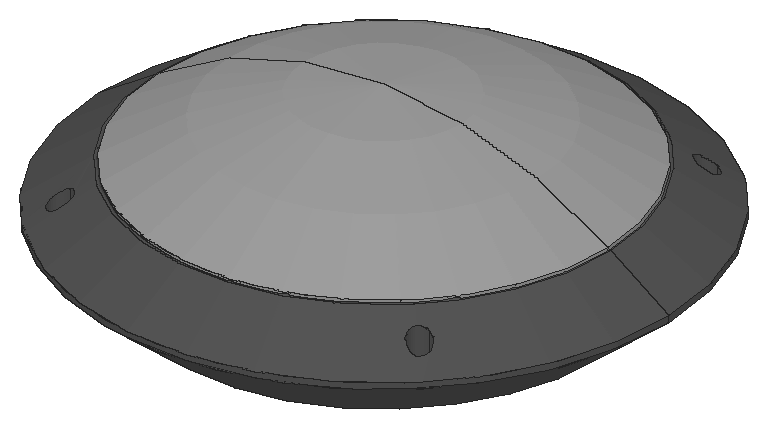
Revit family "49252", category Lighting Fixtures, host Face, Revit 2018
Family settings
  Host = Face
  Round Connector Dimension = Use Diameter
  Part Type = Normal
  OmniClass Number = 23.80.70.00
  OmniClass Title = Lighting
  Cut with Voids When Loaded = No
  Light Source = Yes
  Shared = No
  Room Calculation Point = No
Parameters (values of type "0049252 START SURFACE IP66 1500LM 840 DA EM3 BLK")
  Weight = "n/a"
  Wattage Comments = ""
  Wattage = 12 W
  WarrantyStartDate [instance] = "n/a"
  WarrantyGuarantorParts = "n/a"
  WarrantyDurationUnit = "n/a"
  WarrantyDurationParts = ""
  WarrantyDescription = "http://www.sylvania-lighting.com"
  built-in parameter 1150110 = 1 (stored number, unit not read)
  Voltage = 0 V
  URL = "1"
  TypeName = "START SURFACE IP66 1500LM 840 IK10 DALI EM3 BLK"
  Type Image = <None>
  Type Comments = "n/a"
  built-in parameter 1114217 = 1 (stored number, unit not read)
  Tilt Angle = -90.00°
  built-in parameter 1150109 = 1 (stored number, unit not read)
  built-in parameter 1150134 = (empty or 0)
  built-in parameter 1150113 = 1 (stored number, unit not read)
  SerialNumber [instance] = "n/a"
  Photometric Web File = "0049252.ies"
  Material_3_SYL = LED-Sylvania-StartSurfaceIP66
  PowerFactor = 0
  PowerConsumption = "Lighting"
  NominalLength = 350 mm
  NominalHeight = 90 mm
  NominalDepth = 300 mm
  Name = "START SURFACE IP66 1500LM 840 IK10 DALI EM3 BLK"
  ModelReference = Name  # "START SURFACE IP66 1500LM 840 IK10 DALI EM3 BLK"
  ModelNumber = "0049252"
  Model = Name  # "START SURFACE IP66 1500LM 840 IK10 DALI EM3 BLK"
  Material = "Feilo Sylvania"
  ManufacturerName = "111 lm/W"
  Manufacturer = ""
  LuminousEfficacy = ""
  built-in parameter 1150105 = 84.034 (stored number, unit not read)
  Lumens = 1056 lm
  LuminaireType = "0"
  built-in parameter 1150115 = 1 (stored number, unit not read)
  LightOutputRatio = "LED"
  built-in parameter 1150137 = (empty or 0)
  built-in parameter 1150139 = (empty or 0)
  LampsType = Lamp  # "n/a"
  LampNominalLuminous = "4000 K"
  LampMacAdamStep = "80"
  LampColourTemperature = "LED"
  LampColourRenderingIndex = "16500"
  built-in parameter 1150112 = 1 (stored number, unit not read)
  built-in parameter 1150114 = 1 (stored number, unit not read)
  Lamp = "n/a"
  Keynote = "n/a"
  InstallationDate [instance] = "n/a"
  InputVoltage = "0"
  InputNominalFrequency = "4000"
  built-in parameter 1150132 = (empty or 0)
  built-in parameter 1150102 = (empty or 0)
  built-in parameter 1150107 = 3000 (stored number, unit not read)
  built-in parameter 1150138 = (empty or 0)
  IngressProtection = "IfcLightFixtureType"
  ImpactProtectionIndex = "IfcLightFixtureType"
  built-in parameter 1150106 = 0.84034 (stored number, unit not read)
  IfcExportType = "IfcLightFixtureType"
  IfcExportAs = "Class II"
  HoleRad_SYL = 134 mm
  HoleHoleRad_SYL = 6 mm
  HoleAngle_SYL = 45.00°
  Eyelid_SYL [instance] = no
  ExpectedLife = 50000
  Emit from Circle Diameter = 200 mm
  Emit Shape Visible in Rendering = no
  ElectricShockClassification = "111"
  built-in parameter 1150104 = 8.1755 (stored number, unit not read)
  DurationUnit = "hours"
  DocumentationLiterature = "http://www.sylvania-lighting.com/product/en-int/products/0049252"
  DimmingControlOptions = "n/a"
  Material_2_SYL = Diffuser-Sylvania-StartSurfaceIP66
  Dimming Lamp Color Temperature Shift = <None>
  Description = "LED exterior surface mounted luminaire, 350mm diameter, 1500lm as max. lumen output, 15W max. power consumption, 100lm/W efficacy, 4000K color temperature, CRI80, IP66, IK10, 60,000 hours (L70), black housing, vandal resistant. DALI and DALI 2 dimming compatibility. Integrated emergency, 3 hours, supplied with anti-theft screws"
  Default Elevation = 1219.2 mm
  CreatedOn = "21/12/2022"
  CreatedBy = "@sylvania-lighting.com"
  Cost = 0
  Color Filter = 16777215
  built-in parameter 1114216 [instance] = (empty or 0)
  ClassificationValue = "EF_70_80"
  ClassificationName = "Uniclass2015"
  Material_1_SYL = Body-Sylvania-StartSurfaceIP66-Black
  BarCode [instance] = "n/a"
  built-in parameter 1114218 = 1 (stored number, unit not read)
  built-in parameter 1150133 = 10 (stored number, unit not read)
  AssetType = "Fixed"
  AssetIdentifier [instance] = "n/a"
  Assembly Code = "D5020200"
  Apparent Load = 14 VA
Reference planes
  plane 1 "Center (Front/Back)": y = 0
  plane 2: z = 0
  plane 3 "Center (Left/Right)": x = 0
  plane 4: x = 150
  plane 5: x = -150
  plane 6: z = 90
  plane 7: z = 30
  plane 8: z = 54
  plane 9: x = -113
  plane 10: x = 113
  plane 11: x = -118
  plane 12: z = 33
  plane 13: z = 51
  plane 14: z = 87
  plane 15: z = 92
  plane 16: x = -148
  plane 17: y = -13
Forms (mm)
  Revolve 1, solid, material "Diffuser-Sylvania-StartSurfaceIP66" <- "Material_2_SYL"
    sketch origin (0, 0, 0) x (1, 0, 0) y (0, 0, 1)
      loop
        arc (0, 90) -> (-61.685, 80.8) -> (-118, 54) r 211.389
        line (-118, 54) -> (-118, 51) -> (-117.081, 51)
        arc (-117.081, 51) -> (-61.245, 77.797) -> (0, 87) r 208.389
        line (0, 87) -> (0, 90)
      axis (0, 90) -> (0, 51)
    angle from 360 to 0
  Revolve 2, solid, material "Body-Sylvania-StartSurfaceIP66-Black" <- "Material_1_SYL"
    sketch origin (0, 0, 0) x (1, 0, 0) y (0, 0, 1)
      loop
        line (0, 0) -> (0, 33) -> (-118, 33) -> (-118, 52.116)
        arc (-118, 52.116) -> (-118.529, 53.009) -> (-119.566, 52.973) r 1.017
        line (-119.566, 52.973) -> (-150, 33) -> (-150, 30) -> (-113, 0) -> (0, 0)
      axis (0, 52.973) -> (0, 0)
    angle from 360 to 0
  Extrusion 3, void
    sketch origin (-1534.635, -4572, 33) x (0, -1, 0) y (-1, 0, 0)
      loop
        circle (-4666.752, -1439.882) r 6
      loop
        circle (-4666.752, -1629.387) r 6
      loop
        circle (-4477.248, -1439.882) r 6
      loop
        circle (-4477.248, -1629.387) r 6
    from -18 to 0
  Revolve 4, solid, material "Body-Sylvania-StartSurfaceIP66-Black" <- "Material_1_SYL", visible <- "Eyelid_SYL"
    sketch origin (0, 0, 0) x (1, 0, 0) y (0, 0, 1)
      loop
        line (0, 90) -> (0, 92)
        arc (0, 92) -> (-79.423, 77.068) -> (-148, 34.313) r 218.694
        line (-148, 34.313) -> (-118, 54)
        arc (-118, 54) -> (-61.685, 80.8) -> (0, 90) r 211.389
      axis (0, 92) -> (0, 34.313)
    angle from 360 to 0
  Extrusion 5, void
    sketch origin (-1534.635, -4572, 33) x (0, -1, 0) y (-1, 0, 0)
      loop
        line (-4367.393, -1384.635) -> (-4559, -1384.635)
        arc (-4559, -1384.635) -> (-4572, -1534.635) -> (-4559, -1684.635) r 871.885
        line (-4559, -1684.635) -> (-4367.393, -1684.635) -> (-4367.393, -1384.635)
    from -82.978 to 19.568
Cuts and joins
  Extrusion 3 cuts Revolve 2
  Extrusion 3, Extrusion 5 cuts Revolve 4
Lines and regions (mm)
  reference lines
    curve 1: line (-150, 0, 33) -> (-118, 0, 54)
    curve 2: circle (0, 0, 0) r 134 normal (0, 0, 1)
    curve 3: line (0, 0, 0) -> (-94.752, 94.752, 0)
    curve 4: line (0, 0, 0) -> (94.752, 94.752, 0)
    curve 5: line (0, 0, 0) -> (-94.752, -94.752, 0)
    curve 6: line (0, 0, 0) -> (94.752, -94.752, 0)
Dimensions and locks
  locked: plane 6 to plane 2 at 90
  plane 8 to plane 7 to plane 2 = 24 mm locked, 30 mm locked
  equal spacing: plane 4, plane 3 "Center (Left/Right)", plane 5
  locked: plane 4 to plane 5 at 300
  equal spacing: plane 10, plane 3 "Center (Left/Right)", plane 9
  locked: plane 9 to plane 5 at 37
  locked: plane 9 to plane 11 at 5
  locked: plane 12 to plane 7 at 3
  locked: plane 8 to plane 13 at 3
  locked: plane 6 to plane 14 at 3
  locked: plane 15 to plane 6 at 2
  locked: plane 16 to plane 5 at 2
  locked: plane 17 to plane 1 "Center (Front/Back)" at 13
  "HoleRad_SYL": radius of curve 2
  "HoleHoleRad_SYL": radius of Extrusion 3 sketch curve  (x4)
  "HoleAngle_SYL": angle curve 3 to plane 1 "Center (Front/Back)"
  "HoleAngle_SYL": angle plane 1 "Center (Front/Back)" to curve 4
  "HoleAngle_SYL": angle plane 1 "Center (Front/Back)" to curve 5
  "HoleAngle_SYL": angle curve 6 to plane 1 "Center (Front/Back)"
  aligned and locked: plane 2 to host face
  aligned and locked: level to host face
  aligned and locked: plane 5 to curve 1
  aligned and locked: plane 11 to curve 1
  aligned and locked: Revolve 1 sketch curve to plane 3 "Center (Left/Right)"
  aligned and locked: curve 1 to Revolve 1 sketch curve
  aligned and locked: plane 6 to Revolve 1 sketch curve
  aligned and locked: plane 3 "Center (Left/Right)" to Revolve 1 sketch curve  (x2)
  aligned and locked: plane 11 to Revolve 1 sketch curve  (x2)
  aligned and locked: plane 13 to Revolve 1 sketch curve  (x2)
  aligned and locked: plane 14 to Revolve 1 sketch curve
  aligned and locked: Revolve 2 sketch curve to plane 3 "Center (Left/Right)"  (x2)
  aligned and locked: level to Revolve 2 sketch curve
  aligned and locked: plane 5 to Revolve 2 sketch curve
  aligned and locked: Revolve 2 sketch curve to curve 1
  aligned and locked: plane 3 "Center (Left/Right)" to curve 3
  aligned and locked: plane 13 to Extrusion 3
  aligned and locked: Extrusion 3 to plane 12
  aligned and locked: Revolve 2 sketch curve to plane 12
  aligned and locked: Revolve 4 sketch curve to plane 3 "Center (Left/Right)"  (x2)
  aligned and locked: Revolve 1 to Revolve 4 sketch curve
  aligned and locked: Revolve 4 sketch curve to curve 1
  aligned and locked: plane 11 to Revolve 4 sketch curve
  aligned and locked: plane 16 to Revolve 4 sketch curve
  aligned and locked: plane 15 to Revolve 4 sketch curve
  aligned and locked: plane 4 to Extrusion 5
  aligned and locked: Extrusion 5 to plane 5
  aligned and locked: plane 3 "Center (Left/Right)" to imposter light
  aligned and locked: imposter light to plane 1 "Center (Front/Back)"
  aligned and locked: plane 8 to imposter light
Automatic sketch dimensions
  host sketch curve to host sketch curve = 600 mm  (x2)
  curve 1 to plane 8 = 0 mm
  curve 1 to plane 12 = 0 mm
  Revolve 1 sketch curve to Revolve 1 sketch curve = 0 mm
  Revolve 1 sketch curve to Revolve 1 sketch curve = 488.211 mm
  Revolve 1 sketch curve to Revolve 1 sketch curve = 2519.058 mm
  plane 1 "Center (Front/Back)" to curve 2 = 0 mm
  curve 2 to plane 3 "Center (Left/Right)" = 0 mm
  plane 1 "Center (Front/Back)" to curve 4 = 0 mm
  Extrusion 3 sketch curve to plane 10 = 18.248 mm  (x2)
  Extrusion 3 sketch curve to plane 1 "Center (Front/Back)" = 94.752 mm  (x2)
  plane 9 to Extrusion 3 sketch curve = 18.248 mm  (x2)
  plane 1 "Center (Front/Back)" to Extrusion 3 sketch curve = 94.752 mm  (x2)
  Revolve 2 sketch curve to plane 9 = 0 mm
  Revolve 2 sketch curve to plane 7 = 0 mm
  Revolve 2 sketch curve to plane 8 = 1.027 mm
  Revolve 2 sketch curve to Revolve 2 sketch curve = 0.549 mm
  Revolve 2 sketch curve to level = 609.6 mm
  plane 6 to Revolve 2 sketch curve = 2519.058 mm
  Revolve 2 sketch curve to plane 11 = 0 mm
  Revolve 4 sketch curve to plane 6 = 0 mm
  Revolve 4 sketch curve to Revolve 4 sketch curve = 482.906 mm
  Revolve 4 sketch curve to Revolve 4 sketch curve = 2517.058 mm
  Extrusion 5 sketch curve to plane 5 = 0 mm
  Extrusion 5 sketch curve to plane 4 = 0 mm
  plane 17 to Extrusion 5 sketch curve = 191.607 mm
  Extrusion 5 sketch curve to Extrusion 5 sketch curve = 667.277 mm
  plane 17 to Extrusion 5 sketch curve = 0 mm  (x2)
Connectors
  electrical at (0, 0, 0), driven by "Apparent Load", driven by "PowerFactor", driven by "Voltage"
    settings: index 1, voltage 0 V, apparent load 14 VA, apparent load phase1 0 VA, apparent load phase2 0 VA, apparent load phase3 0 VA, power factor 0, load classification "Lighting", number of poles 1, system type 30, power factor state 1, is connector primary yes, connector utility no, sub classification motor no, connector description ""
